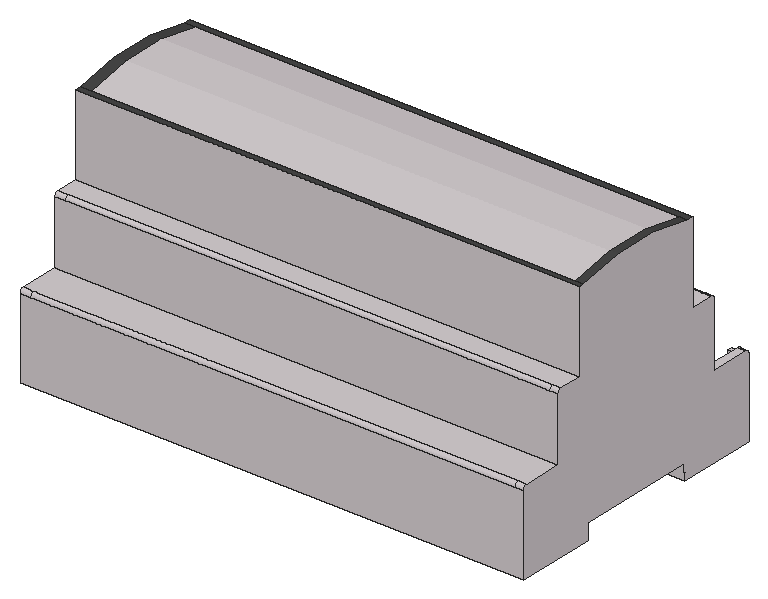
Revit family "Hitachi_CSNET-Lite_LOD400", category Equipement électrique, Revit 2018
Family settings
  Configuration du panneau = Deux colonnes, circuits au sein
  Cote de connecteur circulaire = Utiliser le diamètre
  Type d'élément = Tableau de raccordement
  Basée sur le plan de construction = Non
  Toujours verticalement = Oui
  Couper avec des vides une fois chargée = Non
  Partagée = Non
  Point de calcul de pièce = Non
Parameters (values of type "CSNET Lite")
  Uniformat code = "D306002"
  Uniformat = "Other Controls & Instrumentation"
  Type of Electrical Connectors = "RJ45, USB mini, USB standard"
  Reference = "CSNET Lite"
  Rated Power (kW) = 4.5 W
  Product Code = "7E512205"
  Overall width = 107 mm
  Overall height = 88 mm
  Overall depth = 171 mm
  OmniClass description = "HVAC Main Control Panels"
  OmniClass code = "23-27 15 23 11"
  Number of Phases = 1
  Nominal Voltage = 230 V
  Modèle = "CSNET Lite"
  Minimum Operating Temperature = 0 °C
  Maximum connection distance = "100 m"
  Maximum Operating Temperature = 40 °C
  Maximum Current = 0 A
  Masterformat Code = "23 09 33"
  MasterFormat = "Electric and Electronic Control System for HVAC"
  Manufacturer Product Link = ""
  Insulation Standard Class = "ClassIIAppliance"
  Gross Weight = 0.27 kg
  GTIN (Global Trade Item Number)  = ""
  Frequency = 50 Hz
  Fabricant = "Hitachi Air Conditioning Europe SAS"
  Consumption = 4.5 W
  Communication Type = "HLINK and TCP/IP"
  BC_VARIANT_ID = "582327"
  BC_OBJECT_VERSION = "#2"  # constant formula
  BC_OBJECT_ID = "219734"  # constant formula
  BC_MODEL_ID = ""  # constant formula
Reference planes
  plane 1 "Centre (avant/arrière)": y = 0
  plane 2: z = 0
  plane 3 "Centre (gauche/droite)": x = 0
  plane 4 "texteold": z = 74
  plane 5 "text": through (0, -13.962, 75.614) normal (0, -0.2298, 0.9732)
Forms (mm)
  Extrusion 1, solid, material "Box"
    sketch origin (0.001, -1.478, 0) x (0, -1, 0) y (0, 0, 1)
      loop
        line (-24.175, 74) -> (-24.175, 48.172) -> (-31.427, 48.172)
        arc (-31.427, 48.172) -> (-32.249, 47.832) -> (-32.589, 47.01) r 1.162
        line (-32.589, 47.01) -> (-32.589, 26.5) -> (-45.375, 26.5)
        arc (-45.375, 26.5) -> (-46.076, 26.21) -> (-46.367, 25.509) r 0.991
        line (-46.367, 25.509) -> (-46.367, 0) -> (-20.989, 0) -> (-20.64, 4.999) -> (17.531, 4.999) -> (17.811, 0) -> (43.41, 0) -> (43.41, 25.413)
        arc (43.41, 25.413) -> (43.041, 26.303) -> (42.151, 26.672) r 1.26
        line (42.151, 26.672) -> (29.49, 26.672) -> (29.49, 46.994)
        arc (29.49, 46.994) -> (29.144, 47.827) -> (28.311, 48.172) r 1.179
        line (28.311, 48.172) -> (21.077, 48.172) -> (21.077, 74) -> (19.317, 74)
        arc (19.317, 74) -> (-1.481, 76.913) -> (-22.28, 74) r 75.716
        line (-22.28, 74) -> (-24.175, 74)
    from 76.905 to 80.345
  Extrusion 2, solid, material "Box"
    sketch origin (0.001, -1.478, 0) x (0, -1, 0) y (0, 0, 1)
      loop
        line (-24.175, 74) -> (-24.175, 48.172) -> (-31.427, 48.172)
        arc (-31.427, 48.172) -> (-32.249, 47.832) -> (-32.589, 47.01) r 1.162
        line (-32.589, 47.01) -> (-32.589, 26.5) -> (-45.375, 26.5)
        arc (-45.375, 26.5) -> (-46.076, 26.21) -> (-46.367, 25.509) r 0.991
        line (-46.367, 25.509) -> (-46.367, 0) -> (-20.989, 0) -> (-20.64, 4.999) -> (17.531, 4.999) -> (17.811, 0) -> (43.41, 0) -> (43.41, 25.413)
        arc (43.41, 25.413) -> (43.041, 26.303) -> (42.151, 26.672) r 1.26
        line (42.151, 26.672) -> (29.49, 26.672) -> (29.49, 46.994)
        arc (29.49, 46.994) -> (29.144, 47.827) -> (28.311, 48.172) r 1.179
        line (28.311, 48.172) -> (21.077, 48.172) -> (21.077, 74) -> (19.317, 74)
        arc (19.317, 74) -> (-1.481, 76.913) -> (-22.28, 74) r 75.716
        line (-22.28, 74) -> (-24.175, 74)
    from -80.343 to -77.75
  Extrusion 3, solid, material "Box"
    sketch origin (0.001, -1.478, 0) x (0, -1, 0) y (0, 0, 1)
      loop
        line (-24.175, 74) -> (-24.175, 48.172) -> (-31.427, 48.172)
        arc (-31.427, 48.172) -> (-32.249, 47.832) -> (-32.589, 47.01) r 1.162
        line (-32.589, 47.01) -> (-32.589, 11.496) -> (-44.84, 11.496) -> (-44.84, 0) -> (-32.589, 0) -> (-20.989, 0) -> (-20.64, 4.999) -> (17.531, 4.999) -> (17.811, 0) -> (43.41, 0) -> (43.41, 25.413)
        arc (43.41, 25.413) -> (43.041, 26.303) -> (42.151, 26.672) r 1.26
        line (42.151, 26.672) -> (29.49, 26.672) -> (29.49, 46.994)
        arc (29.49, 46.994) -> (29.144, 47.827) -> (28.311, 48.172) r 1.179
        line (28.311, 48.172) -> (21.077, 48.172) -> (21.077, 74) -> (19.317, 74)
        arc (19.317, 74) -> (-1.481, 76.913) -> (-22.28, 74) r 75.716
        line (-22.28, 74) -> (-24.175, 74)
    from -77.75 to 76.905
  Extrusion 4, solid, material "Box"
    sketch origin (0.001, -1.478, 0) x (-1, 0, 0) y (0, 0, 1)
      loop
        line (-77.75, 0) -> (76.905, 0) -> (76.905, 25.066) -> (74.84, 25.066) -> (74.84, 11.496) -> (30.651, 11.496) -> (30.651, 25.682) -> (22.213, 25.682) -> (22.213, 11.496) -> (-22.249, 11.496) -> (-22.249, 25.413) -> (-30.664, 25.413) -> (-30.664, 11.496) -> (-74.949, 11.496) -> (-74.949, 25.066) -> (-77.75, 25.066) -> (-77.75, 0)
    from 44.84 to 46.367
  Extrusion 5, solid, material "Box"
    sketch origin (0.001, -1.478, 0) x (-1, 0, 0) y (0, -1, 0)
      loop
        line (-27.943, -44.84) -> (-24.955, -44.84) -> (-24.955, -32.589) -> (-27.943, -32.589) -> (-27.943, -44.84)
      loop
        line (24.957, -44.84) -> (27.945, -44.84) -> (27.945, -32.589) -> (24.957, -32.589) -> (24.957, -44.84)
    from 1.7 to 25.066
  Extrusion 6, solid, material "Hitachi_Green"
    sketch origin (0.001, -1.478, 0) x (-1, 0, 0) y (0, -1, 0)
      loop
        line (61.572, -44.482) -> (73.732, -44.482) -> (73.732, -35.882) -> (61.572, -35.882) -> (61.572, -44.482)
      loop
        line (-14.158, -37.381) -> (-14.158, -44.631) -> (-1.338, -44.631) -> (-1.338, -37.381) -> (-14.158, -37.381)
      loop
        line (-38.628, -37.381) -> (-38.628, -44.631) -> (-29.618, -44.631) -> (-29.618, -37.381) -> (-38.628, -37.381)
      loop
        line (-39.833, -44.631) -> (-39.833, -37.432) -> (-56.463, -37.432) -> (-56.463, -44.631) -> (-39.833, -44.631)
      loop
        line (-57.633, -44.331) -> (-57.633, -37.081) -> (-74.263, -37.081) -> (-74.263, -44.331) -> (-57.633, -44.331)
    from 11.496 to 20.802
  Extrusion 7, solid
    sketch origin (0.001, -1.478, 0) x (-1, 0, 0) y (0, -1, 0)
      loop
        line (56.552, -44.84) -> (56.552, -32.589) -> (40.383, -32.589) -> (40.383, -44.84) -> (56.552, -44.84)
    from 11.496 to 25.172
  Extrusion 8, solid
    sketch origin (0.001, -1.478, 0) x (-1, 0, 0) y (0, -1, 0)
      loop
        line (22.546, -37.765) -> (11.268, -37.765) -> (11.268, -38.668) -> (9.826, -38.668) -> (9.826, -42.908) -> (10.637, -42.908) -> (10.637, -43.802) -> (11.442, -43.802) -> (11.442, -44.642) -> (22.343, -44.642) -> (22.343, -43.802) -> (23.137, -43.802) -> (23.137, -42.908) -> (23.929, -42.908) -> (23.929, -38.668) -> (22.546, -38.668) -> (22.546, -37.765)
    from 11.496 to 26.672
  Extrusion 9, solid
    sketch origin (0.001, -1.478, 0) x (-1, 0, 0) y (0, -1, 0)
      loop
        line (0.477, -36.606) -> (0.477, -42.606) -> (6.477, -42.606) -> (6.477, -36.606) -> (0.477, -36.606)
    from 11.496 to 15.122
  Extrusion 10, solid
    sketch origin (0.001, -1.478, 0) x (-1, 0, 0) y (0, -1, 0)
      loop
        circle (3.477, -39.596) r 1.761
    from 15.122 to 16.672
  Extrusion 11, solid
    sketch origin (0.001, -1.478, 0) x (-1, 0, 0) y (0, -1, 0)
      loop
        line (-23.338, -34.781) -> (-23.338, -43.861) -> (-16.648, -43.861) -> (-16.648, -34.781) -> (-23.338, -34.781)
    from 11.496 to 15.572
Cuts and joins
  joined: Extrusion 1, Extrusion 2, Extrusion 3, Extrusion 4, Extrusion 5
Lines and regions (mm)
  model lines
    curve 1: line (-26.301, -18.973, 74.43) -> (-26.301, -9.618, 76.639)
    curve 2: line (-26.301, -9.618, 76.639) -> (-24.169, -9.618, 76.639)
    curve 3: line (-24.169, -9.618, 76.639) -> (-24.169, -13.253, 75.781)
    curve 4: line (-24.169, -13.253, 75.781) -> (-19.855, -13.253, 75.781)
    curve 5: line (-19.855, -13.253, 75.781) -> (-19.855, -9.618, 76.639)
    curve 6: line (-19.855, -9.618, 76.639) -> (-17.674, -9.618, 76.639)
    curve 7: line (-17.674, -9.618, 76.639) -> (-17.674, -18.973, 74.43)
    curve 8: line (-17.674, -18.973, 74.43) -> (-19.855, -18.973, 74.43)
    curve 9: line (-19.855, -18.973, 74.43) -> (-19.855, -14.804, 75.415)
    curve 10: line (-19.855, -14.804, 75.415) -> (-24.169, -14.804, 75.415)
    curve 11: line (-24.169, -14.804, 75.415) -> (-24.169, -18.973, 74.43)
    curve 12: line (-24.169, -18.973, 74.43) -> (-26.301, -18.973, 74.43)
    curve 13: line (-15.784, -9.618, 76.639) -> (-15.784, -18.973, 74.43)
    curve 14: line (-15.784, -18.973, 74.43) -> (-13.554, -18.973, 74.43)
    curve 15: line (-13.554, -18.973, 74.43) -> (-13.554, -9.618, 76.639)
    curve 16: line (-13.554, -9.618, 76.639) -> (-15.784, -9.618, 76.639)
    curve 17: line (-12.73, -9.618, 76.639) -> (-12.73, -11.121, 76.284)
    curve 18: line (-12.73, -11.121, 76.284) -> (-9.628, -11.121, 76.284)
    curve 19: line (-9.628, -11.121, 76.284) -> (-9.628, -18.973, 74.43)
    curve 20: line (-9.628, -18.973, 74.43) -> (-7.302, -18.973, 74.43)
    curve 21: line (-7.302, -18.973, 74.43) -> (-7.302, -11.121, 76.284)
    curve 22: line (-7.302, -11.121, 76.284) -> (-4.2, -11.121, 76.284)
    curve 23: line (-4.2, -11.121, 76.284) -> (-4.2, -9.618, 76.639)
    curve 24: line (-4.2, -9.618, 76.639) -> (-12.73, -9.618, 76.639)
    curve 25: line (-2.352, -9.618, 76.639) -> (0.401, -9.618, 76.639)
    curve 26: line (0.401, -9.618, 76.639) -> (4.147, -18.642, 74.508)
    curve 27: line (4.147, -18.642, 74.508) -> (1.704, -18.642, 74.508)
    curve 28: line (1.704, -18.642, 74.508) -> (0.988, -16.918, 74.916)
    curve 29: line (-3.654, -18.642, 74.508) -> (-2.939, -16.918, 74.916)
    curve 30: line (-2.939, -16.918, 74.916) -> (0.988, -16.918, 74.916)
    curve 31: line (-2.352, -9.618, 76.639) -> (-6.098, -18.642, 74.508)
    curve 32: line (-6.098, -18.642, 74.508) -> (-3.654, -18.642, 74.508)
    curve 33: line (-1.282, -11.955, 76.088) -> (-0.474, -11.955, 76.088)
    curve 34: line (-2.337, -15.117, 75.341) -> (0.457, -15.117, 75.341)
    curve 35: line (-2.337, -15.117, 75.341) -> (-1.282, -11.955, 76.088)
    curve 36: line (0.457, -15.117, 75.341) -> (-0.474, -11.955, 76.088)
    curve 37: line (10.754, -12.619, 75.931) -> (12.766, -12.619, 75.931)
    curve 38: line (10.754, -15.117, 75.341) -> (12.766, -15.117, 75.341)
    curve 39: line (12.766, -12.619, 75.931) -> (12.766, -11.656, 76.158)
    curve 40: line (10.754, -12.619, 75.931) -> (10.754, -11.635, 76.163)
    curve 41: arc (12.766, -11.656, 76.158) -> (10.962, -9.804, 76.595) -> (8.393, -9.296, 76.715) r 4.355
    curve 42: line (10.754, -15.117, 75.341) -> (10.754, -16.266, 75.07)
    curve 43: line (6.186, -12.619, 75.931) -> (6.186, -15.49, 75.253)
    curve 44: arc (3.923, -12.117, 76.049) -> (3.703, -14.023, 75.599) -> (3.923, -15.93, 75.149) r 8.833
    curve 45: arc (3.923, -12.117, 76.049) -> (4.728, -10.587, 76.411) -> (6.186, -9.618, 76.639) r 3.577
    curve 46: arc (6.186, -9.618, 76.639) -> (7.273, -9.349, 76.703) -> (8.393, -9.296, 76.715) r 5.595
    curve 47: arc (6.186, -12.619, 75.931) -> (6.538, -11.533, 76.187) -> (7.467, -10.839, 76.351) r 1.947
    curve 48: arc (7.467, -10.839, 76.351) -> (8.702, -10.627, 76.401) -> (9.937, -10.839, 76.351) r 3.611
    curve 49: arc (9.937, -10.839, 76.351) -> (10.436, -11.149, 76.278) -> (10.754, -11.635, 76.163) r 1.367
    curve 50: arc (10.754, -16.266, 75.07) -> (10.38, -17.089, 74.875) -> (9.503, -17.373, 74.808) r 1.143
    curve 51: arc (6.186, -15.49, 75.253) -> (6.552, -16.552, 75.002) -> (7.5, -17.187, 74.852) r 1.814
    curve 52: arc (7.5, -17.187, 74.852) -> (8.492, -17.37, 74.809) -> (9.503, -17.373, 74.808) r 5.497
    curve 53: arc (3.923, -15.93, 75.149) -> (4.846, -17.7, 74.731) -> (6.518, -18.835, 74.463) r 4.187
    curve 54: arc (6.518, -18.835, 74.463) -> (8.544, -19.198, 74.377) -> (10.571, -18.835, 74.463) r 5.702
    curve 55: arc (10.571, -18.835, 74.463) -> (11.283, -18.468, 74.549) -> (11.881, -17.943, 74.674) r 3.263
    curve 56: arc (11.881, -17.943, 74.674) -> (12.339, -17.331, 74.818) -> (12.679, -16.65, 74.979) r 4.396
    curve 57: arc (12.679, -16.65, 74.979) -> (12.749, -15.885, 75.16) -> (12.766, -15.117, 75.341) r 11.869
    curve 58: line (14.01, -18.973, 74.43) -> (14.01, -9.618, 76.639)
    curve 59: line (14.01, -9.618, 76.639) -> (16.143, -9.618, 76.639)
    curve 60: line (16.143, -9.618, 76.639) -> (16.143, -13.253, 75.781)
    curve 61: line (16.143, -13.253, 75.781) -> (20.456, -13.253, 75.781)
    curve 62: line (20.456, -13.253, 75.781) -> (20.456, -9.618, 76.639)
    curve 63: line (20.456, -9.618, 76.639) -> (22.637, -9.618, 76.639)
    curve 64: line (22.637, -9.618, 76.639) -> (22.637, -18.973, 74.43)
    curve 65: line (22.637, -18.973, 74.43) -> (20.456, -18.973, 74.43)
    curve 66: line (20.456, -18.973, 74.43) -> (20.456, -14.804, 75.415)
    curve 67: line (20.456, -14.804, 75.415) -> (16.143, -14.804, 75.415)
    curve 68: line (16.143, -14.804, 75.415) -> (16.143, -18.973, 74.43)
    curve 69: line (16.143, -18.973, 74.43) -> (14.01, -18.973, 74.43)
    curve 70: line (24.528, -9.618, 76.639) -> (24.528, -18.973, 74.43)
    curve 71: line (24.528, -18.973, 74.43) -> (26.757, -18.973, 74.43)
    curve 72: line (26.757, -18.973, 74.43) -> (26.757, -9.618, 76.639)
    curve 73: line (26.757, -9.618, 76.639) -> (24.528, -9.618, 76.639)
Dimensions and locks
  aligned and locked: level to plane 2
Connectors
  electrical at (-67.652, 38.703, 20.802)
    settings: on Extrusion 6, index 1, voltage 0 V, apparent load 0 VA, apparent load phase1 0 VA, apparent load phase2 0 VA, apparent load phase3 0 VA, power factor 1, load classification "Autre", number of poles 1, system type 31, power factor state 1, is connector primary yes, connector utility no, sub classification motor no, connector description "Power Supply"
  electrical at (-48.467, 37.237, 25.172)
    settings: on Extrusion 7, index 2, voltage 0 V, apparent load 0 VA, apparent load phase1 0 VA, apparent load phase2 0 VA, apparent load phase3 0 VA, power factor 1, load classification "Autre", number of poles 1, system type 31, power factor state 1, is connector primary no, connector utility no, sub classification motor no, connector description "RJ45 - Ethernet"
  electrical at (34.123, 39.528, 20.802)
    settings: on Extrusion 6, index 3, voltage 0 V, apparent load 0 VA, apparent load phase1 0 VA, apparent load phase2 0 VA, apparent load phase3 0 VA, power factor 1, load classification "Autre", number of poles 1, system type 31, power factor state 1, is connector primary no, connector utility no, sub classification motor no, connector description "H-LINK - Air Cond. Communication port"
